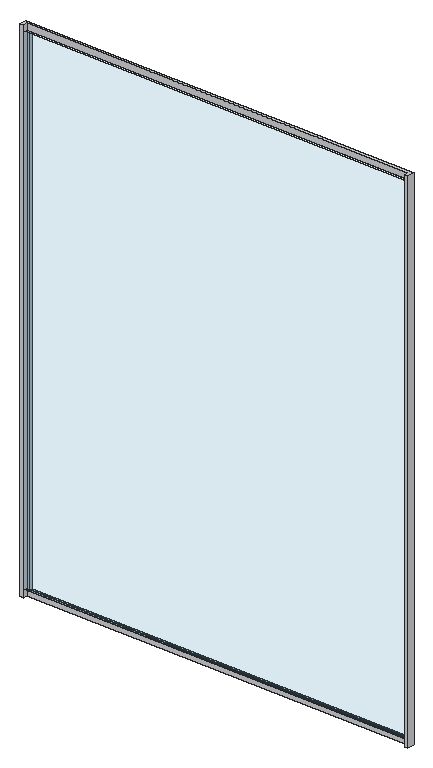
Revit family "ALSPEC 550 HASTINGS DGL GLZ", category Curtain Panels, Revit 2017
Family settings
  OmniClass Number = 23.25.20.14.11.11.17
  OmniClass Title = Infill Panels
  Always vertical = Yes
  Cut with Voids When Loaded = No
  Shared = No
Parameters
  YEAR = "2019"
  VERSION = "1.0"
  TODAYS DATE = "01.03.2019"
  OFFSET = 89 mm
  DOUBLE GLAZED THICKNESS = 25 mm
  CREATOR = " Scott Isouard"  # constant formula
  COMPANY = "Archvis"  # constant formula
  Analytic Construction = "<None>"
  ANZRC Compliant = yes
  A = if(DOUBLE GLAZED THICKNESS > 30 mm, 30 mm, if(DOUBLE GLAZED THICKNESS < 24 mm, 24 mm, DOUBLE GLAZED THICKNESS))  # 25 mm
Reference planes
  plane 1 "Center (Front/Back)": y = 0
  plane 2: z = 0
  plane 3 "Center (Left/Right)": x = 0
  plane 4 "Left": x = -1500
  plane 5 "Right": x = 1500
  plane 6 "Top": z = 4000
  plane 7: y = 83
  plane 8: x = -1550
  plane 9: x = 1550
  plane 10: z = -50
  plane 11: z = 4050
  plane 12: y = 89
  plane 13: y = 70.4
  plane 14: y = 64
Forms (mm)
  Extrusion 1, solid, material "Glass"
    sketch origin (0, 0, 0) x (1, 0, 0) y (0, 1, 0)
      loop
        line (-1525, 83) -> (1525, 83) -> (1525, 89) -> (-1525, 89) -> (-1525, 83)
      loop
        line (-1525, 70.4) -> (-1525, 64) -> (1525, 64) -> (1525, 70.4) -> (-1525, 70.4)
    from 0 to 4000
  Extrusion 2, solid
    sketch origin (-640, 0, 0) x (1, 0, 0) y (0, 1, 0)
      loop
        line (-860, 89) -> (2140, 89) -> (2140, 109) -> (-860, 109) -> (-860, 89)
    from 0 to -50
  Extrusion 3, solid
    sketch origin (-560, 0, 0) x (1, 0, 0) y (0, 1, 0)
      loop
        line (-940, 89) -> (2060, 89) -> (2060, 109) -> (-940, 109) -> (-940, 89)
    from 4050 to 4000
  Extrusion 4, solid
    sketch origin (0, 29, 0) x (1, 0, 0) y (0, 1, 0)
      loop
        line (-1550, 80) -> (-1550, 28) -> (-1525, 28) -> (-1525, 60) -> (-1500, 60) -> (-1500, 80) -> (-1550, 80)
    from -50 to 4050
  Extrusion 5, solid
    sketch origin (0, 29, 0) x (-1, 0, 0) y (0, -1, 0)
      loop
        line (-1550, -80) -> (-1500, -80) -> (-1500, -60) -> (-1525, -60) -> (-1525, -28) -> (-1550, -28) -> (-1550, -80)
    from -50 to 4050
Cuts and joins
  joined: Extrusion 2, Extrusion 3, Extrusion 4, Extrusion 5
Text (mm)
  text "Exterior" at (-2351.972, 1416.179, 0), in view "Ref. Level"
  text "Exterior" at (0, 2290.741, 4406.713), in view "Left"
  text "Exterior" at (0, 1328.187, 4120.349), in view "Right"
Dimensions and locks
  equal spacing: plane 4 "Left", plane 3 "Center (Left/Right)", plane 5 "Right"
  locked: plane 8 to plane 4 "Left" at 50
  locked: plane 5 "Right" to plane 9 at 50
  locked: plane 10 to plane 2 at 50
  locked: plane 6 "Top" to plane 11 at 50
  locked: Extrusion 4 sketch curve to Extrusion 4 sketch curve at 52
  locked: Extrusion 4 sketch curve to Extrusion 4 sketch curve at 25  (x2)
  Extrusion 4 sketch curve to Extrusion 4 sketch curve = 20 mm
  locked: Extrusion 5 sketch curve to Extrusion 5 sketch curve at 52
  locked: Extrusion 5 sketch curve to Extrusion 5 sketch curve at 25  (x2)
  locked: Extrusion 5 sketch curve to Extrusion 5 sketch curve at 20
  "OFFSET": plane 1 "Center (Front/Back)" to plane 12
  locked: plane 13 to plane 14 at 6.4
  locked: plane 12 to plane 7 at 6
  "A": plane 12 to plane 14
  aligned and locked: Extrusion 1 to plane 6 "Top"
  aligned and locked: plane 4 "Left" to Extrusion 2
  aligned and locked: Extrusion 2 to plane 5 "Right"
  aligned and locked: plane 10 to Extrusion 2
  aligned and locked: Extrusion 3 to plane 11
  aligned and locked: Extrusion 3 to plane 5 "Right"
  aligned and locked: plane 4 "Left" to Extrusion 3
  aligned and locked: Extrusion 2 to plane 2
  aligned and locked: plane 11 to Extrusion 3
  aligned and locked: Extrusion 3 to plane 6 "Top"
  aligned: Extrusion 4 to plane 6 "Top"
  aligned: Extrusion 4 to level
  aligned and locked: plane 12 to Extrusion 4
  aligned and locked: plane 12 to Extrusion 5
  aligned and locked: plane 12 to Extrusion 2
  aligned and locked: Extrusion 3 to Extrusion 5  (x2)
  aligned: Extrusion 5 to plane 6 "Top"
  aligned: Extrusion 5 to plane 2
  aligned and locked: Extrusion 4 to Extrusion 3
  aligned and locked: Extrusion 2 to Extrusion 4
  aligned and locked: Extrusion 5 to Extrusion 2
  aligned and locked: Extrusion 1 sketch curve to plane 7
  aligned and locked: Extrusion 1 sketch curve to plane 13
  aligned and locked: Extrusion 1 sketch curve to plane 12
  aligned and locked: Extrusion 5 sketch curve to cut or joined group of Extrusion 2, Extrusion 3, Extrusion 4, Extrusion 5
  aligned and locked: cut or joined group of Extrusion 2, Extrusion 3, Extrusion 4, Extrusion 5 to Extrusion 3 sketch curve
Automatic sketch dimensions
  Extrusion 2 sketch curve to plane 4 "Left" = 0 mm
  Extrusion 2 sketch curve to plane 5 "Right" = 0 mm
  Extrusion 2 sketch curve to plane 1 "Center (Front/Back)" = 89 mm
  Extrusion 2 sketch curve to Extrusion 2 sketch curve = 20 mm
  Extrusion 3 sketch curve to plane 4 "Left" = 0 mm
  Extrusion 3 sketch curve to plane 5 "Right" = 0 mm
  Extrusion 3 sketch curve to Extrusion 3 sketch curve = 20 mm
  Extrusion 5 sketch curve to plane 9 = 0 mm
  plane 4 "Left" to Extrusion 1 sketch curve = 25 mm
  Extrusion 1 sketch curve to Extrusion 1 sketch curve = 0 mm  (x2)
  Extrusion 1 sketch curve to plane 5 "Right" = 25 mm
  plane 14 to Extrusion 1 sketch curve = 0 mm
  Extrusion 4 sketch curve to plane 8 = 0 mm
  plane 12 to Extrusion 4 sketch curve = 0 mm
